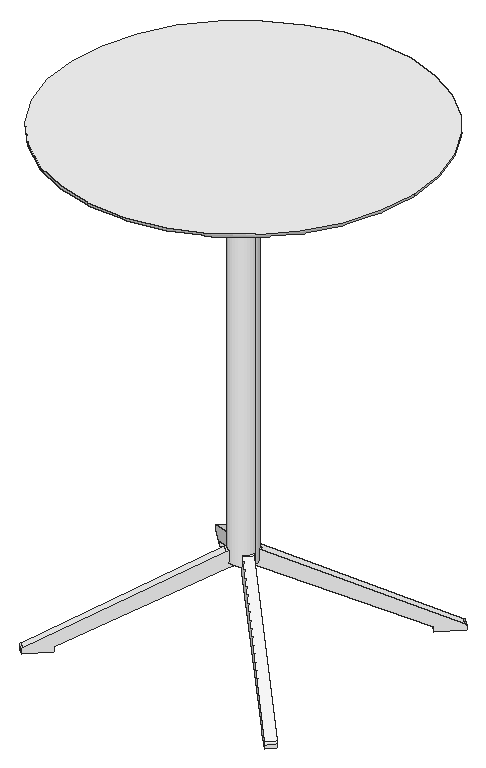
Revit family "NBS_Allermuir_OffcTbls-en-us-Axyl_BistroHighTables", category Furniture, Revit 2017
Family settings
  Work Plane-Based = No
  Always vertical = Yes
  Cut with Voids When Loaded = No
  Shared = No
  Room Calculation Point = No
Parameters (values of type "AXLH30RD")
  WorktopType = NBS_Allermuir_OfficeTables_Axyl_Round-US : Round
  WorktopProfileMaterial = NBS_Concept
  WorktopMaterialTapedEdge = NBS_Concept
  WorktopMaterial = NBS_Concept
  WorktopHeight = 40.25"  # constant formula
  WorksurfaceArea = 0.00 m²
  WarrantyStartDate [instance] = "1900-12-31T23:59:59"
  WarrantyGuarantorParts = "contact@allermuir-na.com"
  WarrantyGuarantorLabor = "n/a"
  WarrantyDurationUnit = "year"
  WarrantyDurationParts = "5"
  WarrantyDurationLabor = "n/a"
  WarrantyDescription = "Allermuir warrant that its manufactured products are free from manufacturing defects - in materials or workmanship - for a period of five (5) years. , Allermuir will repair, or replace (at Allermuir's sole discretion) with comparable free of charge materials / components, any product / component which fails under normal use in a single shift environment, as a result of a defect in the materials and/ or workmanship"
  Version = "1"  # constant formula
  Uniclass2015Version = "Products v1.12"
  Uniclass2015Title = "Office tables"
  Uniclass2015Code = "Pr_40_50_21_60"
  TagNumber [instance] = "n/a"
  TableTopWidth = 30"
  TableBaseMaterial = NBS_Concept
  SustainabilityPerformance = "n/a"
  Style = "High table"
  StorageUnits = "False"
  Status = "New"
  Size = "30 x 30 x 40.25 \""
  Shape = "Round"
  SerialNumber [instance] = "n/a"
  Revision = "n/a"
  ReplacementCost = "n/a"
  Reference = "n/a"
  ProductInformation = "http://www.thesenatorgroup.com/FamilyDocuments/806/Allermuir_SPEC_2018_Axyl%20Tables.pdf"
  OmniClassVersion = "Table 22 2012-05-16"
  OmniClassTitle = "Dining Tables and Chairs"
  OmniClassCode = "22-12 58 19"
  NumberOfChairs = 0
  NominalWidth = 30"
  NominalLength = 30"
  NominalHeight = 40.25"
  NominalDepth = 30"
  Name = "OfficeTables_Axyl_BistroHighTables_AXLH30RD_Allermuir"
  NBSReference = "45-35-20/340"
  NBSDescription = "Office tables"
  NBSCertification = "www.nationalbimlibrary.com/cert/oaw3kpdr"
  ModelReference = "Axyl_BistroHighTables_AXLH30RD"
  ModelNumber = "AXLH30RD"
  Material = "MFMDF, laminate faced MDF core, cast aluminum"
  ManufacturerURL = "http://www.allermuir.com/"
  ManufacturerName = "Allermuir"  # constant formula
  Manufacturer = "contact@allermuir-na.com"
  MainColor = "n/a"
  IsBuiltIn = no
  IntegralAccessories = "n/a"
  InstallationDate [instance] = "1900-12-31T23:59:59"
  IfcExportType = "TABLE"  # constant formula
  IfcExportAs = "IfcFurnitureType"  # constant formula
  Grade = "n/a"
  FrameSupportMaterial = NBS_Concept
  Finish = "n/a"
  Features = "1 \" laminate (edge 38) faced MDF core top with a clear edge profile,, cast aluminum base and aluminum centre column finished in black powder coat,, Integral leg feet with levelling adjustment,, optional feature: table edge profile can be stained solid black, espresso and solid white, optional feature: cast aluminum base and aluminum centre column available in basalt, white, sage, peacock blue, coral, stone or pebble"
  ExpectedLife = "10"
  DurationUnit = "year"
  Description = "Bistro high table"
  Constituents = "n/a"
  Color = "n/a"
  CodePerformance = "n/a"
  Category = "Pr_40_50_21_60:Office tables"
  BarCode [instance] = "n/a"
  BIMObjectName = "NBS_Allermuir_OfficeTables_Axyl_BistroHighTables_AXLH30RD"
  Author = "NBS"  # constant formula
  AssetType = "Movable"
  AssetIdentifier [instance] = "n/a"
  AccessibilityPerformance = "n/a"
Types (3): name | WorktopType | TableTopWidth | Size | Shape | NominalWidth | NominalLength | NominalDepth | Name | ModelReference | ModelNumber | BIMObjectName
  AXLH30SQ | NBS_Allermuir_OfficeTables_Axyl_SoftSquare-US : SoftSquare | 30" | "30 x 30 x 40.25 \"" | "Square" | 30" | 30" | 30" | "OfficeTables_Axyl_BistroHighTables_AXLH30SQ_Allermuir" | "Axyl_BistroHighTables_AXLH30SQ" | "AXLH30SQ" | "NBS_Allermuir_OfficeTables_Axyl_BistroHighTables_AXLH30SQ"
  AXLH30RD | NBS_Allermuir_OfficeTables_Axyl_Round-US : Round | 30" | "30 x 30 x 40.25 \"" | "Round" | 30" | 30" | 30" | "OfficeTables_Axyl_BistroHighTables_AXLH30RD_Allermuir" | "Axyl_BistroHighTables_AXLH30RD" | "AXLH30RD" | "NBS_Allermuir_OfficeTables_Axyl_BistroHighTables_AXLH30RD"
  AXLH24SQ | NBS_Allermuir_OfficeTables_Axyl_SoftSquare-US : SoftSquare | 24" | "24 x 24 x 40.25 \"" | "Square" | 24" | 24" | 24" | "OfficeTables_Axyl_BistroHighTables_AXLH24SQ_Allermuir" | "Axyl_BistroHighTables_AXLH24SQ" | "AXLH24SQ" | "NBS_Allermuir_OfficeTables_Axyl_BistroHighTables_AXLH24SQ"
Reference planes (in)
  plane 1 "Center (Front/Back)": y = 0
  plane 2: z = 0
  plane 3 "Center (Left/Right)": x = 0
  plane 4 "WorktopBottom": z = 39.26575
  plane 5 "WorktopTop": z = 40.25
  plane 6 "Worktop_Right": x = 15
  plane 7 "Worktop_Left": x = -15
  plane 8 "Back": y = 15
  plane 9 "Front": y = -15
Dimensions and locks (in)
  "WorktopHeight": plane 5 "WorktopTop" to level
  locked: plane 5 "WorktopTop" to plane 4 "WorktopBottom" at 0.98425
  equal spacing: plane 7 "Worktop_Left", plane 3 "Center (Left/Right)", plane 6 "Worktop_Right"
  "TableTopWidth": plane 7 "Worktop_Left" to plane 6 "Worktop_Right"
  equal spacing: plane 9 "Front", plane 1 "Center (Front/Back)", plane 8 "Back"
  "TableTopWidth": plane 9 "Front" to plane 8 "Back"
  aligned and locked: level to plane 2
  aligned and locked: plane 5 "WorktopTop" to nested 1
Nested families (in)
  nested 1: "NBS_Allermuir_OfficeTables_Axyl_Round-US" at (0, 0, 0), TableTopHeight <- "WorktopHeight", type <- "WorktopType", type "Round"
    with TableTopHeight 40.25"
  nested 2: "NBS_Allermuir_OfficeTables_Axyl_BistroDiningTables_TableBase" at (0, 0, 0), WorktopHeight <- "WorktopHeight", type "Axyl_BistroDiningTableBase"
    with WorktopHeight 40.25"
Definition of nested family "NBS_Allermuir_OfficeTables_Axyl_Round-US"
  Parameters (values of type "Round")
    TableTopThickness = 0.98425"
    TableTopMaterial = none
    TableTopRadius = TableTopDiameter / 2  # 15"
    TableTopHeight [instance] = 29.13386"
    TableTopDiameter = 30"
  Reference planes (in)
    plane 1 "Center (Front/Back)": y = 0
    plane 2: z = 0
    plane 3 "Center (Left/Right)": x = 0
    plane 4 "Bottom": z = 28.14961
    plane 5 "Top": z = 29.13386
    plane 6 "Worktop_Back": y = 15
    plane 7 "Worktop_Right": x = 15
    plane 8 "Worktop_Left": x = -15
    plane 9 "Worktop_Front": y = -15
  Forms (in)
    Extrusion 1, solid, material <- "TableTopMaterial", detail levels medium+fine
      sketch origin (-42.11362, -60, 28.14961) x (-1, 0, 0) y (0, -1, 0)
        loop
          circle (-42.11362, -60) r 15
      from 0 to 0.98425
    Sweep 2, void
      path in 3D
        loop
          arc (15, 0, 29.13386) -> (0, -15, 29.13386) -> (-15, 0, 29.13386) r 15
          arc (-15, 0, 29.13386) -> (0, 15, 29.13386) -> (15, 0, 29.13386) r 15
      profile origin (0, 15, 29.13386) x (0, 1, 0) y (0, 0, 1)
        loop
          arc (0, 0) -> (-0.06705, -0.206) -> (-0.24249, -0.33308) r 0.35
          line (-0.24249, -0.33308) -> (-2.26, -0.98425) -> (0, -0.98425) -> (0, 0)
    Extrusion 3, solid, material <- "TableTopMaterial", detail levels coarse
      sketch origin (-42.11362, -60, 28.14961) x (-1, 0, 0) y (0, -1, 0)
        loop
          circle (-42.11362, -60) r 15
      from 0 to 0.98425 <- "TableTopThickness"
  Cuts and joins
    Sweep 2 cuts Extrusion 1
  Lines and regions (in)
    sketch lines
      curve 1: arc (-15, 0, 29.13386) -> (0, 15, 29.13386) -> (15, 0, 29.13386) r 15
      curve 2: arc (15, 0, 29.13386) -> (0, -15, 29.13386) -> (-15, 0, 29.13386) r 15
  Dimensions and locks (in)
    "TableTopHeight": plane 5 "Top" to level
    "TableTopThickness": plane 5 "Top" to plane 4 "Bottom"
    equal spacing: plane 6 "Worktop_Back", plane 1 "Center (Front/Back)", plane 9 "Worktop_Front"
    "TableTopDiameter": plane 6 "Worktop_Back" to plane 9 "Worktop_Front"
    equal spacing: plane 8 "Worktop_Left", plane 3 "Center (Left/Right)", plane 7 "Worktop_Right"
    "TableTopDiameter": plane 8 "Worktop_Left" to plane 7 "Worktop_Right"
    "TableTopRadius": radius of Extrusion 1 sketch curve
    "TableTopRadius": radius of Extrusion 3 sketch curve
    aligned and locked: level to plane 2
    aligned and locked: Sweep 2 sketch curve to plane 4 "Bottom"
  Automatic sketch dimensions
    Sweep 2 sketch curve to profile plane = 0"  (x2)
    profile plane to Sweep 2 sketch curve = 0.35"
    profile plane to Sweep 2 sketch curve = 0.24249"
    Sweep 2 sketch curve to profile plane = 0.33308"
    Sweep 2 sketch curve to Sweep 2 sketch curve = 0.33308"
    Sweep 2 sketch curve to Sweep 2 sketch curve = 2.01751"
    plane 1 "Center (Front/Back)" to Extrusion 1 sketch curve = 0"
    Extrusion 1 sketch curve to plane 3 "Center (Left/Right)" = 0"
    plane 1 "Center (Front/Back)" to Extrusion 3 sketch curve = 0"
    Extrusion 3 sketch curve to plane 3 "Center (Left/Right)" = 0"
Definition of nested family "NBS_Allermuir_OfficeTables_Axyl_BistroDiningTables_TableBase"
  Parameters (values of type "Axyl_BistroDiningTableBase")
    WorktopThickness = 0.98425"  # constant formula
    WorktopHeight [instance] = 29.52756"
    TableBaseMaterial = none
    FrameSupportMaterial = none
  Reference planes (in)
    plane 1 "Center (Front/Back)": y = 0
    plane 2: z = 0
    plane 3 "Center (Left/Right)": x = 0
    plane 4 "TableTopPlacement": z = 28.54331
    plane 5 "Back": y = 11.1811
    plane 6 "Front": y = -11.1811
    plane 7 "Left": x = -11.1811
    plane 8 "Right": x = 11.1811
    plane 9: z = 27.75591
    plane 10 "FeetTop": z = 0.3937
    plane 11 "LegBaseTop": z = 7.28346
    plane 12: through (-11.1811, 11.1811, 47.24409) normal (0.7071, 0.7071, 0)
    plane 13: through (11.1811, 11.1811, 47.24409) normal (0.7071, -0.7071, 0)
    plane 14: through (24.93971, -46.65401, 9.43034) normal (0.7071, 0.7071, 0)
    plane 15: through (26.52652, -45.0672, 3.34646) normal (0.7071, 0.7071, 0)
    plane 16: z = 6.29921
    plane 17 "TableSupportBack": y = 6.88976
    plane 18 "TableSupportFront": y = -6.88976
    plane 19 "TableSupportLeft": x = -6.88976
    plane 20 "TableSupportRight": x = 6.88976
    plane 21: x = 4.33071
    plane 22: z = 28.14961
    plane 23: through (0, 0, 7.74083) normal (-0.7071, -0.7071, 0)
    plane 24: through (46.7932, 25.0789, 9.43034) normal (-0.7071, 0.7071, 0)
    plane 25: through (45.20639, 26.66572, 3.34646) normal (-0.7071, 0.7071, 0)
    plane 26: through (0.13919, 0.13919, 7.74083) normal (0.7071, -0.7071, 0)
    plane 27 "Top": z = 29.52756
  Forms (in)
    Extrusion 1, solid, material <- "TableBaseMaterial"
      sketch origin (0, 0, 0) x (1, 0, 0) y (0, 1, 0)
        loop
          circle (0, 0) r 1.10236
      from 6.29921 to 27.75591
    Extrusion 2, solid, material <- "TableBaseMaterial"
      sketch origin (-6.62955, 6.62955, 0) x (0.707107, 0.707107, 0) y (0, 0, 1)
        loop
          arc (-15.24258, 0.44728) -> (-15.32407, 0.37465) -> (-15.35433, 0.26977) r 0.19685
          line (-15.35433, 0.26977) -> (-15.35433, 0) -> (-13.11024, 0) -> (-13.11024, 0.3937) -> (-1.14664, 5.86765)
          arc (-1.14664, 5.86765) -> (0, 6.11752) -> (1.14664, 5.86765) r 2.75591
          line (1.14664, 5.86765) -> (13.11024, 0.3937) -> (13.11024, 0) -> (15.35433, 0) -> (15.35433, 0.26977)
          arc (15.35433, 0.26977) -> (15.32407, 0.37465) -> (15.24258, 0.44728) r 0.19685
          line (15.24258, 0.44728) -> (1.22637, 7.16738)
          arc (1.22637, 7.16738) -> (0.97757, 7.25408) -> (0.71574, 7.28346) r 1.1811
          line (0.71574, 7.28346) -> (-0.71574, 7.28346)
          arc (-0.71574, 7.28346) -> (-0.97757, 7.25408) -> (-1.22637, 7.16738) r 1.1811
          line (-1.22637, 7.16738) -> (-15.24258, 0.44728)
      from 8.9819 to 9.7693
    Extrusion 3, solid, material <- "FrameSupportMaterial"
      sketch origin (0, 0, 0) x (1, 0, 0) y (0, 1, 0)
        loop
          line (3.2126, 6.88976) -> (-3.2126, 6.88976)
          arc (-3.2126, 6.88976) -> (-5.81275, 5.81275) -> (-6.88976, 3.2126) r 3.67717
          line (-6.88976, 3.2126) -> (-6.88976, -3.2126)
          arc (-6.88976, -3.2126) -> (-5.81275, -5.81275) -> (-3.2126, -6.88976) r 3.67717
          line (-3.2126, -6.88976) -> (3.2126, -6.88976)
          arc (3.2126, -6.88976) -> (5.81275, -5.81275) -> (6.88976, -3.2126) r 3.67717
          line (6.88976, -3.2126) -> (6.88976, 3.2126)
          arc (6.88976, 3.2126) -> (5.81275, 5.81275) -> (3.2126, 6.88976) r 3.67717
      from 28.14961 to 28.54331
    Blend 4, solid, material <- "FrameSupportMaterial"
      base sketch origin (0, 0, 0) x (1, 0, 0) y (0, 1, 0)
        loop
          circle (0, 0) r 4.33071
      top sketch origin (0, 0, 0) x (1, 0, 0) y (0, 1, 0)
        loop
          circle (0, 0) r 2.95276
      from 28.14961 to 27.75591
    Extrusion 5, solid, material <- "TableBaseMaterial"
      sketch origin (-6.49035, -6.49035, 0) x (-0.707107, 0.707107, 0) y (0, 0, 1)
        loop
          arc (-15.24258, 0.44728) -> (-15.32407, 0.37465) -> (-15.35433, 0.26977) r 0.19685
          line (-15.35433, 0.26977) -> (-15.35433, 0) -> (-13.11024, 0) -> (-13.11024, 0.3937) -> (-1.14664, 5.86765)
          arc (-1.14664, 5.86765) -> (0, 6.11752) -> (1.14664, 5.86765) r 2.75591
          line (1.14664, 5.86765) -> (13.11024, 0.3937) -> (13.11024, 0) -> (15.35433, 0) -> (15.35433, 0.26977)
          arc (15.35433, 0.26977) -> (15.32407, 0.37465) -> (15.24258, 0.44728) r 0.19685
          line (15.24258, 0.44728) -> (1.22637, 7.16738)
          arc (1.22637, 7.16738) -> (0.97757, 7.25408) -> (0.71574, 7.28346) r 1.1811
          line (0.71574, 7.28346) -> (-0.71574, 7.28346)
          arc (-0.71574, 7.28346) -> (-0.97757, 7.25408) -> (-1.22637, 7.16738) r 1.1811
          line (-1.22637, 7.16738) -> (-15.24258, 0.44728)
      from 8.9819 to 9.7693
  Cuts and joins
    joined: Extrusion 1, Extrusion 2
  Dimensions and locks (in)
    plane 11 "LegBaseTop" to plane 2 = 7.28346"
    equal spacing: plane 5 "Back", plane 1 "Center (Front/Back)", plane 6 "Front", locked at 11.1811 each
    equal spacing: plane 7 "Left", plane 3 "Center (Left/Right)", plane 8 "Right", locked at 11.1811 each
    locked: plane 10 "FeetTop" to level at 0.3937
    locked: plane 15 to plane 14 at 2.24409
    equal spacing: plane 19 "TableSupportLeft", plane 3 "Center (Left/Right)", plane 20 "TableSupportRight"
    equal spacing: plane 17 "TableSupportBack", plane 1 "Center (Front/Back)", plane 18 "TableSupportFront"
    locked: level to plane 11 "LegBaseTop" at 7.28346
    locked: plane 25 to plane 24 at 2.24409
    "WorktopThickness": plane 27 "Top" to plane 4 "TableTopPlacement"
    locked: plane 4 "TableTopPlacement" to plane 22 at 0.3937
    locked: plane 22 to plane 9 at 0.3937
    "WorktopHeight": plane 27 "Top" to level
    aligned and locked: level to plane 2
    aligned and locked: plane 9 to Extrusion 1
    aligned and locked: Extrusion 1 to plane 16
    aligned and locked: plane 17 "TableSupportBack" to Extrusion 3 sketch curve
    aligned and locked: Extrusion 3 sketch curve to plane 20 "TableSupportRight"
    aligned and locked: plane 18 "TableSupportFront" to Extrusion 3 sketch curve
    aligned and locked: Extrusion 3 sketch curve to plane 19 "TableSupportLeft"
    aligned and locked: plane 4 "TableTopPlacement" to Extrusion 3
    aligned and locked: Extrusion 3 to plane 22
    aligned and locked: Blend 4 to plane 9
    aligned and locked: Blend 4 to Extrusion 3
  Automatic sketch dimensions
    plane 1 "Center (Front/Back)" to Extrusion 1 sketch curve = 0"
    Extrusion 1 sketch curve to plane 3 "Center (Left/Right)" = 0"
    Extrusion 2 sketch curve to plane 14 = 0"
    Extrusion 2 sketch curve to level = 0"  (x2)
    Extrusion 2 sketch curve to plane 15 = 0"
    Extrusion 2 sketch curve to plane 11 "LegBaseTop" = 0"
    Extrusion 2 sketch curve to plane 12 = 0"
    Extrusion 2 sketch curve to plane 10 "FeetTop" = 0"  (x2)
    plane 10 "FeetTop" to Extrusion 2 sketch curve = 0.05358"  (x2)
    plane 14 to Extrusion 2 sketch curve = 0.11175"
    Extrusion 2 sketch curve to plane 10 "FeetTop" = 0.12393"  (x2)
    Extrusion 2 sketch curve to plane 11 "LegBaseTop" = 0.11608"  (x2)
    Extrusion 2 sketch curve to plane 12 = 1.22637"
    Extrusion 2 sketch curve to plane 16 = 0.43156"  (x2)
    Extrusion 2 sketch curve to plane 12 = 1.14664"
    Extrusion 2 sketch curve to plane 16 = 0.19685"
    plane 12 to Extrusion 2 sketch curve = 0.71574"
    Extrusion 2 sketch curve to Extrusion 2 sketch curve = 0.51063"
    plane 12 to Extrusion 2 sketch curve = 13.11024"
    Extrusion 2 sketch curve to Extrusion 2 sketch curve = 2.04724"
    Extrusion 2 sketch curve to Extrusion 2 sketch curve = 0.0851"
    Extrusion 2 sketch curve to Extrusion 2 sketch curve = 2.50604"
    Extrusion 3 sketch curve to plane 3 "Center (Left/Right)" = 3.2126"  (x2)
    Extrusion 3 sketch curve to plane 1 "Center (Front/Back)" = 3.2126"
    plane 1 "Center (Front/Back)" to Extrusion 3 sketch curve = 3.2126"
    plane 1 "Center (Front/Back)" to Blend 4 sketch curve = 0"  (x2)
    Blend 4 sketch curve to plane 3 "Center (Left/Right)" = 0"  (x2)
    Extrusion 5 sketch curve to plane 24 = 0"
    level to Extrusion 5 sketch curve = 0"  (x2)
    Extrusion 5 sketch curve to plane 25 = 0"
    plane 11 "LegBaseTop" to Extrusion 5 sketch curve = 0"
    Extrusion 5 sketch curve to plane 13 = 0"
    plane 10 "FeetTop" to Extrusion 5 sketch curve = 0"  (x2)
    plane 10 "FeetTop" to Extrusion 5 sketch curve = 0.05358"  (x2)
    plane 24 to Extrusion 5 sketch curve = 0.11175"
    Extrusion 5 sketch curve to plane 10 "FeetTop" = 0.12393"  (x2)
    Extrusion 5 sketch curve to plane 11 "LegBaseTop" = 0.11608"  (x2)
    plane 13 to Extrusion 5 sketch curve = 1.22637"
    Extrusion 5 sketch curve to plane 16 = 0.43156"  (x2)
    plane 13 to Extrusion 5 sketch curve = 1.14664"
    Extrusion 5 sketch curve to plane 16 = 0.19685"
    Extrusion 5 sketch curve to plane 13 = 0.71574"
    Extrusion 5 sketch curve to Extrusion 5 sketch curve = 0.51063"
    Extrusion 5 sketch curve to plane 13 = 13.11024"
    Extrusion 5 sketch curve to Extrusion 5 sketch curve = 2.04724"
    Extrusion 5 sketch curve to Extrusion 5 sketch curve = 0.0851"
    Extrusion 5 sketch curve to Extrusion 5 sketch curve = 2.50604"
    radius of Extrusion 1 sketch curve = 1.10236"
    radius of Blend 4 sketch curve = 4.33071"
    radius of Blend 4 sketch curve = 2.95276"
